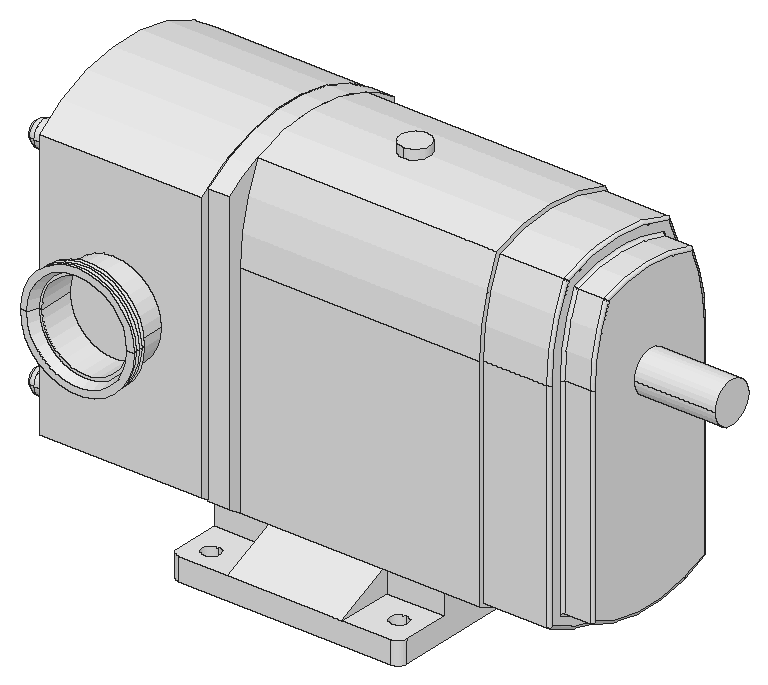
Revit family "MIT MLP 36 - Lobe Pump ", category Specialty Equipment, Revit 2022
Family settings
  Round Connector Dimension = Use Diameter
  Part Type = Normal
  Work Plane-Based = No
  Always vertical = Yes
  Cut with Voids When Loaded = No
  Maintain Annotation Orientation = No
  Shared = No
  Room Calculation Point = No
Parameters
  URL = "https://en.ekinendustriyel.com/lobe-pumps/lobe-pumps"
  Pressure = 18.0 bar  # constant formula
  Motor Power = 7.5 kW  # constant formula
  Model = "MLP-36-TUL"
  Manufacturer = "Ekin Endüstriyel"
  Keynote = "Double Serpentine Heater Tank"
  Flow = 13.0 m³/h  # constant formula
  Description = "MIT MLP 36 - Lobe Pump"
  Default Elevation = 0 mm
Reference planes
  plane 1 "Center (Front/Back)": y = 0
  plane 2: z = 0
  plane 3 "Center (Left/Right)": x = 0
Forms (mm)
  Extrusion 1, solid, material "Ekin Endüstriyel_StainlesSteel", detail levels medium+fine
    sketch origin (0, 0, 0) x (1, 0, 0) y (0, 1, 0)
      loop
        line (-21.982, -77.5) -> (123.018, -77.5)
        arc (123.018, -77.5) -> (127.261, -75.743) -> (129.018, -71.5) r 6
        line (129.018, -71.5) -> (129.018, 71.5)
        arc (129.018, 71.5) -> (127.261, 75.743) -> (123.018, 77.5) r 6
        line (123.018, 77.5) -> (-21.982, 77.5)
        arc (-21.982, 77.5) -> (-26.224, 75.743) -> (-27.982, 71.5) r 6
        line (-27.982, 71.5) -> (-27.982, -71.5)
        arc (-27.982, -71.5) -> (-26.224, -75.743) -> (-21.982, -77.5) r 6
      loop
        circle (-11.982, -62.5) r 6
      loop
        circle (113.018, -58.137) r 6
      loop
        circle (113.018, 62.5) r 6
      loop
        circle (-11.982, 62.5) r 6
    from 0 to 15
  Extrusion 2, solid, material "Ekin Endüstriyel_StainlesSteel", detail levels medium+fine
    sketch origin (0, 0, 0) x (0, 1, 0) y (0, 0, 1)
      loop
        line (-75, 238.27) -> (-75, 54.565)
        arc (-75, 54.565) -> (0, 27.834) -> (75, 54.565) r 118.583
        line (75, 54.565) -> (75, 238.27)
        arc (75, 238.27) -> (0, 265) -> (-75, 238.27) r 118.583
    from -8.482 to -119.482
  Extrusion 3, solid, material "Ekin Endüstriyel_StainlesSteel", detail levels medium+fine
    sketch origin (0, 0, 0) x (0, 1, 0) y (0, 0, 1)
      loop
        line (-70, 242.135) -> (-70, 50.699)
        arc (-70, 50.699) -> (0, 27.834) -> (70, 50.699) r 118.583
        line (70, 50.699) -> (70, 242.135)
        arc (70, 242.135) -> (0, 265) -> (-70, 242.135) r 118.583
    from 6.518 to -8.482
  Extrusion 4, solid, material "Ekin Endüstriyel_StainlesSteel", detail levels medium+fine
    sketch origin (0, 0, 0) x (0, 1, 0) y (0, 0, 1)
      loop
        arc (-46.142, 255.655) -> (-57.232, 225.98) -> (-61, 194.526) r 133.174
        line (-61, 194.526) -> (-61, 44.727)
        arc (-61, 44.727) -> (0, 27.834) -> (61, 44.727) r 118.583
        line (61, 44.727) -> (61, 194.526)
        arc (61, 194.526) -> (57.232, 225.98) -> (46.142, 255.655) r 133.174
        arc (46.142, 255.655) -> (0, 265) -> (-46.142, 255.655) r 118.583
    from 6.518 to 170.518
  Sweep 5, solid, material "Ekin Endüstriyel_StainlesSteel", detail levels medium+fine
    path in 3D
      loop
        arc (170.518, 46.142, 255.655) -> (170.518, 57.232, 225.98) -> (170.518, 61, 194.526) r 133.174
        line (170.518, 61, 194.526) -> (170.518, 61, 44.727)
        arc (170.518, 61, 44.727) -> (170.518, 0, 27.834) -> (170.518, -61, 44.727) r 118.583
        line (170.518, -61, 44.727) -> (170.518, -61, 194.526)
        arc (170.518, -61, 194.526) -> (170.518, -57.232, 225.98) -> (170.518, -46.142, 255.655) r 133.174
        arc (170.518, -46.142, 255.655) -> (170.518, 0, 265) -> (170.518, 46.142, 255.655) r 118.583
    profile origin (170.518, 0, 265) x (0, 0, 1) y (1, 0, 0)
      loop
        line (-2.474, 0) -> (-2.474, 44.02)
        arc (-2.474, 44.02) -> (-3.053, 45.417) -> (-4.45, 45.996) r 1.976
        line (-4.45, 45.996) -> (-10.504, 45.996)
        arc (-10.504, 45.996) -> (-11.918, 46.582) -> (-12.503, 47.995) r 1.999
        line (-12.503, 47.995) -> (-12.503, 65.499)
        arc (-12.503, 65.499) -> (-13.089, 66.914) -> (-14.504, 67.5) r 2.001
        line (-14.504, 67.5) -> (-23.918, 67.5) -> (-23.918, 0) -> (-2.474, 0)
  Extrusion 6, solid, material "Ekin Endüstriyel_StainlesSteel", detail levels medium+fine
    sketch origin (0, 0, 0) x (0, 1, 0) y (0, 0, 1)
      loop
        arc (-28.636, 236.647) -> (-34.95, 216.006) -> (-37.082, 194.526) r 109.256
        line (-37.082, 194.526) -> (-37.082, 59.317)
        arc (-37.082, 59.317) -> (0, 51.752) -> (37.082, 59.317) r 94.665
        line (37.082, 59.317) -> (37.082, 194.526)
        arc (37.082, 194.526) -> (34.95, 216.006) -> (28.636, 236.647) r 109.256
        arc (28.636, 236.647) -> (0, 241.082) -> (-28.636, 236.647) r 94.665
    from 170.518 to 238.018
  Revolve 7, solid, material "Ekin Endüstriyel_StainlesSteel", detail levels fine
    sketch origin (0, 0, 149) x (1, 0, 0) y (0, 1, 0)
      loop
        line (-101.709, -75) -> (-101.709, -95.512) -> (-105.608, -95.512) -> (-107.376, -96.532) -> (-105.373, -97.689) -> (-107.376, -98.846) -> (-105.371, -100.003) -> (-107.376, -101.161) -> (-105.373, -102.318) -> (-107.376, -103.474) -> (-105.373, -104.631) -> (-107.732, -105.993) -> (-103.277, -105.993) -> (-100.734, -99.005) -> (-98.762, -99.005) -> (-98.762, -75) -> (-101.709, -75)
      axis (-68.982, -75) -> (-68.982, -105.993)
    angle from 0 to 360
  Revolve 8, solid, material "Ekin Endüstriyel_StainlesSteel", detail levels fine
    sketch origin (0, 0, 70.879) x (1, 0, 0) y (0, 1, 0)
      loop
        line (-119.482, -58.546) -> (-119.482, -50) -> (-144.595, -50)
        arc (-144.595, -50) -> (-143.129, -54.295) -> (-139.916, -57.5) r 10
        arc (-139.916, -57.5) -> (-138.152, -58.279) -> (-136.242, -58.546) r 6.969
        line (-136.242, -58.546) -> (-119.482, -58.546)
      axis (-119.482, -50) -> (-144.595, -50)
    angle from 0 to 360
  Extrusion 9, solid, material "Ekin Endüstriyel_StainlesSteel"
    sketch origin (-119.482, 0, 0) x (0, -1, 0) y (0, 0, 1)
      loop
        circle (0, 146.417) r 55
    from 0 to 10
  Extrusion 10, solid, material "Ekin Endüstriyel_StainlesSteel", detail levels medium+fine
    sketch origin (0, 0, 0) x (0, 1, 0) y (0, 0, 1)
      loop
        line (-37.165, 33.809) -> (-77.5, 15) -> (77.5, 15) -> (37.165, 33.809)
        arc (37.165, 33.809) -> (0, 27.834) -> (-37.165, 33.809) r 118.583
    from 11.654 to 89.521
  Extrusion 11, solid, material "Ekin Endüstriyel_StainlesSteel", detail levels medium+fine
    sketch origin (0, 0, 0) x (0, 1, 0) y (0, 0, 1)
      loop
        line (39.5, 32.72) -> (37.165, 33.809)
        arc (37.165, 33.809) -> (0, 27.834) -> (-37.165, 33.809) r 118.583
        line (-37.165, 33.809) -> (-39.5, 32.72) -> (-39.5, 15) -> (39.5, 15) -> (39.5, 32.72)
    from -27.982 to 129.018
  Extrusion 12, solid, material "Ekin Endüstriyel_StainlesSteel", detail levels medium
    sketch origin (0, 0, 0) x (1, 0, 0) y (0, 0, 1)
      loop
        circle (-68.982, 149) r 38.75
      loop
        circle (-68.982, 149) r 32.75
    from 75 to 105.993
  Extrusion 13, solid, material "Ekin Endüstriyel_StainlesSteel"
    sketch origin (107.25, 0, 153) x (0, 0, 1) y (0, 1, 0)
      loop
        circle (33.5, 0) r 14
    from -186.768 to -130.768
  Extrusion 14, solid, material "Ekin Endüstriyel_StainlesSteel", detail levels coarse
    sketch origin (0, 0, 0) x (0, 1, 0) y (0, 0, 1)
      loop
        line (-75, 238.27) -> (-75, 54.565)
        arc (-75, 54.565) -> (0, 27.834) -> (75, 54.565) r 118.583
        line (75, 54.565) -> (75, 238.27)
        arc (75, 238.27) -> (0, 265) -> (-75, 238.27) r 118.583
    from 238.018 to -119.482
  Extrusion 15, solid, material "Ekin Endüstriyel_StainlesSteel", detail levels coarse
    sketch origin (0, 0, 0) x (1, 0, 0) y (0, 0, 1)
      loop
        circle (-68.982, 149) r 38.75
    from 75 to 106
  Extrusion 16, solid, material "Ekin Endüstriyel_StainlesSteel", detail levels coarse
    sketch origin (0, 0, 0) x (1, 0, 0) y (0, 1, 0)
      loop
        arc (-27.982, -71.5) -> (-26.224, -75.743) -> (-21.982, -77.5) r 6
        line (-21.982, -77.5) -> (123.018, -77.5)
        arc (123.018, -77.5) -> (127.261, -75.743) -> (129.018, -71.5) r 6
        line (129.018, -71.5) -> (129.018, 71.5)
        arc (129.018, 71.5) -> (127.261, 75.743) -> (123.018, 77.5) r 6
        line (123.018, 77.5) -> (-21.982, 77.5)
        arc (-21.982, 77.5) -> (-26.224, 75.743) -> (-27.982, 71.5) r 6
        line (-27.982, 71.5) -> (-27.982, -71.5)
      loop
        circle (-11.982, 62.5) r 6
      loop
        circle (113.018, 62.5) r 6
      loop
        circle (113.018, -58.137) r 6
      loop
        circle (-11.982, -62.5) r 6
    from 0 to 15
  Extrusion 17, solid, material "Ekin Endüstriyel_StainlesSteel", detail levels coarse
    sketch origin (0, 0, 0) x (0, 1, 0) y (0, 0, 1)
      loop
        line (39.5, 32.72) -> (37.165, 33.809)
        arc (37.165, 33.809) -> (0, 27.834) -> (-37.165, 33.809) r 118.583
        line (-37.165, 33.809) -> (-39.5, 32.72) -> (-39.5, 15) -> (39.5, 15) -> (39.5, 32.72)
    from -27.982 to 129.018
  Extrusion 18, solid, material "Ekin Endüstriyel_StainlesSteel", detail levels coarse
    sketch origin (0, 0, 0) x (1, 0, 0) y (0, 0, -1)
      loop
        circle (-68.982, -149) r 38.75
    from 75 to 106
  Revolve 19, solid, material "Ekin Endüstriyel_StainlesSteel", detail levels fine
    sketch origin (0, 0, 222.271) x (1, 0, 0) y (0, 1, 0)
      loop
        line (-119.482, -58.546) -> (-119.482, -50) -> (-144.595, -50)
        arc (-144.595, -50) -> (-143.129, -54.295) -> (-139.916, -57.5) r 10
        arc (-139.916, -57.5) -> (-138.152, -58.279) -> (-136.242, -58.546) r 6.969
        line (-136.242, -58.546) -> (-119.482, -58.546)
      axis (-119.482, -50) -> (-144.595, -50)
    angle from 0 to 360
  Revolve 20, solid, material "Ekin Endüstriyel_StainlesSteel", detail levels fine
    sketch origin (0, 0, 70.879) x (1, 0, 0) y (0, 1, 0)
      loop
        line (-119.482, 58.546) -> (-136.242, 58.546)
        arc (-136.242, 58.546) -> (-138.152, 58.279) -> (-139.916, 57.5) r 6.969
        arc (-139.916, 57.5) -> (-143.129, 54.295) -> (-144.595, 50) r 10
        line (-144.595, 50) -> (-119.482, 50) -> (-119.482, 58.546)
      axis (-119.482, 50) -> (-144.595, 50)
    angle from 0 to 360
  Revolve 21, solid, material "Ekin Endüstriyel_StainlesSteel", detail levels fine
    sketch origin (0, 0, 222.271) x (1, 0, 0) y (0, 1, 0)
      loop
        line (-119.482, 58.546) -> (-136.242, 58.546)
        arc (-136.242, 58.546) -> (-138.152, 58.279) -> (-139.916, 57.5) r 6.969
        arc (-139.916, 57.5) -> (-143.129, 54.295) -> (-144.595, 50) r 10
        line (-144.595, 50) -> (-119.482, 50) -> (-119.482, 58.546)
      axis (-119.482, 50) -> (-144.595, 50)
    angle from 0 to 360
  Extrusion 22, solid, material "Ekin Endüstriyel_StainlesSteel", detail levels medium+fine
    sketch origin (0, 0, 0) x (1, 0, 0) y (0, 1, 0)
      loop
        circle (77.518, 0) r 10
    from 255.655 to 271
  Extrusion 23, solid, material "Ekin Endüstriyel_StainlesSteel", detail levels coarse+medium
    sketch origin (-119.482, 0, 146.417) x (0, 0, 1) y (0, 1, 0)
      loop
        circle (75.854, -50) r 8.546
      loop
        circle (75.854, 50) r 8.546
      loop
        circle (-75.539, 50) r 8.546
      loop
        circle (-75.539, -50) r 8.546
    from 0 to 24.948
  Revolve 24, solid, material "Ekin Endüstriyel_StainlesSteel", detail levels fine
    sketch origin (0, 0, 149) x (1, 0, 0) y (0, 1, 0)
      loop
        line (-101.709, 75) -> (-98.762, 75) -> (-98.762, 99.005) -> (-100.734, 99.005) -> (-103.277, 105.993) -> (-107.732, 105.993) -> (-105.373, 104.631) -> (-107.376, 103.474) -> (-105.373, 102.318) -> (-107.376, 101.161) -> (-105.371, 100.003) -> (-107.376, 98.846) -> (-105.373, 97.689) -> (-107.376, 96.532) -> (-105.608, 95.512) -> (-101.709, 95.512) -> (-101.709, 75)
      axis (-68.982, 75) -> (-68.982, 105.993)
    angle from 0 to 360
  Extrusion 25, solid, material "Ekin Endüstriyel_StainlesSteel", detail levels medium
    sketch origin (0, 0, 0) x (1, 0, 0) y (0, 0, -1)
      loop
        circle (-68.982, -149) r 38.75
      loop
        circle (-68.982, -149) r 32.75
    from 75 to 105.993
Cuts and joins
  joined: Sweep 5, Extrusion 6
  joined: Extrusion 1, Extrusion 10, Extrusion 11
  joined: Extrusion 3, Extrusion 4, Extrusion 22
Lines and regions (mm)
  sketch lines
    curve 1: arc (170.518, -46.142, 255.655) -> (170.518, 0, 265) -> (170.518, 46.142, 255.655) r 118.583
    curve 2: arc (170.518, -61, 194.526) -> (170.518, -57.232, 225.98) -> (170.518, -46.142, 255.655) r 133.174
    curve 3: line (170.518, -61, 44.727) -> (170.518, -61, 194.526)
    curve 4: arc (170.518, 61, 44.727) -> (170.518, 0, 27.834) -> (170.518, -61, 44.727) r 118.583
    curve 5: line (170.518, 61, 194.526) -> (170.518, 61, 44.727)
    curve 6: arc (170.518, 46.142, 255.655) -> (170.518, 57.232, 225.98) -> (170.518, 61, 194.526) r 133.174
Dimensions and locks
  aligned and locked: level to plane 2
Connectors
  piping at (-68.982, -105.993, 149), diameter 63.5
    settings: on Extrusion 12, index 1, connector inside diameter 609.6 mm, connector length 0 mm, flow factor 0, pipe flow 0.0 m³/h, pressure drop 0.0 bar, fitting loss kfactor 0, connector angle 0.00°, fixture units 0, engagement length 0 mm, angle of deflection 0.00°, flow configuration 0, flow direction 0, fitting loss method 0, system type 7, joint type 0, gender type 0, connector reference index -1, connector utility 0, adjustable connector no, is connector primary yes, connector description ""
  piping at (-68.982, 106, 149), diameter 63.5
    settings: on Extrusion 18, index 2, connector inside diameter 609.6 mm, connector length 0 mm, flow factor 0, pipe flow 0.0 m³/h, pressure drop 0.0 bar, fitting loss kfactor 0, connector angle 0.00°, fixture units 0, engagement length 0 mm, angle of deflection 0.00°, flow configuration 0, flow direction 0, fitting loss method 0, system type 7, joint type 0, gender type 0, connector reference index -1, connector utility 0, adjustable connector no, is connector primary no, connector description ""
